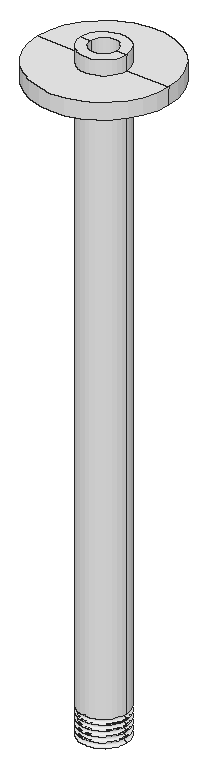
Revit family "Shower_Arm-Ceiling_Mount-American_Standard-1660.190_Series", category Plumbing Fixtures, Revit 2019
Family settings
  Round Connector Dimension = Use Diameter
  Part Type = Normal
  OmniClass Number = 23.45.05.14.17
  OmniClass Title = Showers
  Work Plane-Based = Yes
  Always vertical = No
  Cut with Voids When Loaded = No
  Shared = Yes
  Room Calculation Point = No
Parameters (values of type "1660.190.002")
  Width = 7/8"  # constant formula
  Water Connection Radius = 1/4"  # constant formula
  Water Connection Diameter = 1/2"  # constant formula
  Waste Connection = no
  WFU = 4  # constant formula
  Vent Connection = no
  URL = "https://www.americanstandard-us.com/"
  Revised Date = "05/11/2021"
  Product Page URL = "https://www.americanstandard-us.com/bathroom/shower-faucets/ceiling-mount-shower-arm-27348"
  Product Documentation Link = "https://www.americanstandard-us.com/-/media/sites/asus/files/product-specs/bulk/specsheet1660190.pdf?la=en"
  Price = "Prices may vary. Please consult Manufacturer Representative for most up-to-date price list."  # constant formula
  Model = "1660.190.002"
  Material = "Cast Brass-American Standard-002-Polished Chrome"
  Manufacturer = "American Standard"  # constant formula
  Length = 2 1/2"  # constant formula
  Installation Type = "Ceiling Mounted"  # constant formula
  Height = 11 3/4"
  HWFU = 3  # constant formula
  HW Connection = yes
  Finish = Cast Brass-American Standard-002-Polished Chrome
  Description = "12\" Ceiling Mount Shower Arm"
  Default Elevation = 0"
  Creation Date = "01/25/2018"  # constant formula
  CWFU = 3  # constant formula
  CW Connection = yes
  Assembly Code = "D2010710"
Types (6): name | Model | Material | Finish
  (no name) | "1660.190.002" | "Cast Brass-American Standard-002-Polished Chrome" | Cast Brass-American Standard-002-Polished Chrome
  1660.190.002 | "1660.190.002" | "Cast Brass-American Standard-002-Polished Chrome" | Cast Brass-American Standard-002-Polished Chrome
  1660.190.224 | "1660.190.224" | "Cast Brass-American Standard-224-Oil Rubbed Bronzel" | Cast Brass-American Standard-224-Oil Rubbed Bronzel
  1660.190.295 | "1660.190.295" | "Cast Brass-American Standard-295-Brushed Nickel" | Cast Brass-American Standard-295-Brushed Nickel
  1660.190.013 | "1660.190.013" | "Cast Brass-American Standard-013-Polished Nickel" | Cast Brass-American Standard-013-Polished Nickel
  1660.190.278 | "1660.190.278" | "Cast Brass-American Standard-278-Legacy Bronze" | Cast Brass-American Standard-278-Legacy Bronze
Reference planes (in)
  plane 1 "Center (Front/Back)": y = 0
  plane 2: z = 0
  plane 3 "Center (Left/Right)": x = 0
  plane 4: x = 1.25
  plane 5: x = -1.25
  plane 6: x = 0.25
  plane 7: x = -0.25
  plane 8: x = 0.4375
  plane 9: x = -0.4375
  plane 10: z = -11.48424
  plane 11: z = 0.26576
Forms (in)
  Revolve 1, solid, material "Cast Brass-American Standard-002-Polished Chrome" <- "Finish"
    sketch origin (0, 0, 0) x (1, 0, 0) y (0, 0, 1)
      loop
        line (0.4375, 0) -> (0.4375, 0.26576) -> (0.25, 0.26576) -> (0.25, -11.48424) -> (0.4375, -11.48424)
        arc (0.4375, -11.48424) -> (0.3875, -11.43424) -> (0.4375, -11.38424) r 0.05
        arc (0.4375, -11.38424) -> (0.3875, -11.33424) -> (0.4375, -11.28424) r 0.05
        arc (0.4375, -11.28424) -> (0.3875, -11.23424) -> (0.4375, -11.18424) r 0.05
        arc (0.4375, -11.18424) -> (0.3875, -11.13424) -> (0.4375, -11.08424) r 0.05
        arc (0.4375, -11.08424) -> (0.3875, -11.03424) -> (0.4375, -10.98424) r 0.05
        line (0.4375, -10.98424) -> (0.4375, -0.3) -> (1.25, -0.3) -> (1.25, 0) -> (0.4375, 0)
      axis (0, 0.26576) -> (0, -11.48424)
    angle from 0 to 360
Lines and regions (in)
  Masking region 1
    outline origin (0, 0, 0) x (1, 0, 0) y (0, 1, 0)
      loop
        circle (0, 0) r 1.25
  symbolic lines, detail levels medium+fine
    curve 1: arc (0.25, 0, 0) -> (0, 0.25, 0) -> (-0.25, 0, 0) r 0.25
    curve 2: arc (-0.25, 0, 0) -> (0, -0.25, 0) -> (0.25, 0, 0) r 0.25
  symbolic lines, detail levels fine
    curve 3: arc (0.4375, 0, 0) -> (0, 0.4375, 0) -> (-0.4375, 0, 0) r 0.4375
    curve 4: arc (-0.4375, 0, 0) -> (0, -0.4375, 0) -> (0.4375, 0, 0) r 0.4375
Dimensions and locks (in)
  "Width": plane 8 to plane 9
  "Length": plane 4 to plane 5
  locked: plane 11 to level at 0.26576
  "Height": plane 11 to plane 10
  aligned and locked: Revolve 1 sketch curve to plane 8
  aligned and locked: plane 6 to Revolve 1 sketch curve
  aligned and locked: Masking region 1 sketch curve to Revolve 1  (x2)
  aligned and locked: curve 1 to Revolve 1
  aligned and locked: curve 2 to Revolve 1
  aligned and locked: curve 3 to Revolve 1
  aligned and locked: curve 4 to Revolve 1
Automatic sketch dimensions
  Revolve 1 sketch curve to plane 3 "Center (Left/Right)" = 0"
  Revolve 1 sketch curve to plane 8 = 0"  (x5)
  Revolve 1 sketch curve to plane 4 = 0"
  Revolve 1 sketch curve to plane 10 = 0"
  Revolve 1 sketch curve to plane 11 = 0"
  Revolve 1 sketch curve to Revolve 1 sketch curve = 0.05"  (x3)
  Revolve 1 sketch curve to Revolve 1 sketch curve = 0.1"  (x3)
  Revolve 1 sketch curve to Revolve 1 sketch curve = 0.3"
  Revolve 1 sketch curve to Revolve 1 sketch curve = 0"  (x2)
  plane 11 to Revolve 1 sketch curve = 0.0731"
  Revolve 1 sketch curve to Revolve 1 sketch curve = 0.41114"
  Revolve 1 sketch curve to level = 0"
Connectors (in)
  piping at (0, 0, 0.26576), diameter 0.5, driven by "Water Connection Diameter"
    settings: on Revolve 1, index 1, connector inside diameter 24", connector length 0", flow factor 0, pipe flow 0 GPM, pressure drop 0.00 psi, fitting loss kfactor 0, connector angle 0.00°, fixture units 0, engagement length 0", angle of deflection 0.00°, flow configuration 0, flow direction 1, fitting loss method 0, system type 29, joint type 0, gender type 0, connector reference index -1, connector utility 0, adjustable connector no, is connector primary yes, connector description "1/2\" NPT Inlet Connection"
